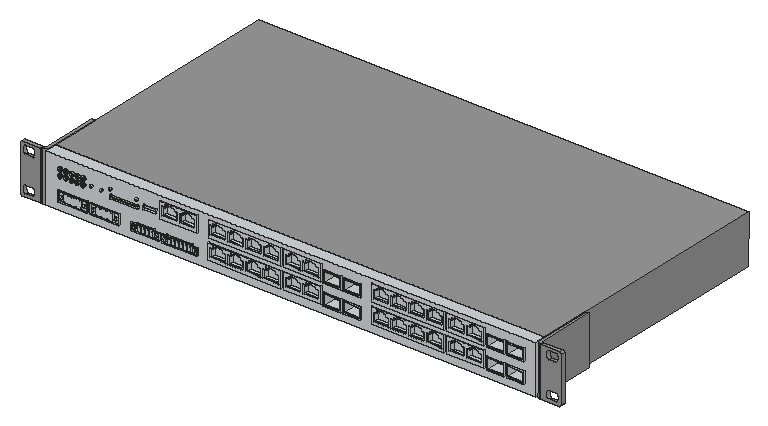
Revit family "G6 PLR MS400890MX-V2", category Datengeräte, Revit 2023
Family settings
  Bemaßung runder Anschluss = Durchmesser verwenden
  Teiletyp = Normal
  OmniClass-Nummer = 23.85.50.17
  OmniClass-Titel = Communication and Data Processing Equipment
  Arbeitsebenenbasiert = Nein
  Immer vertikal = Ja
  Beim Laden mit Abzugskörper schneiden = Nein
  Beschriftungsausrichtung beibehalten = Nein
  Gemeinsam genutzt = Nein
  Raumberechnungspunkt = Nein
Parameters (values of type "G6 PLR MS400890MX-V2")
  Vorgabe-Ansicht = 0 mm
  Material 2 = Stahl, 43-245
  Material = Edelstahl AISI 304
  Tyoe = "19\", managed switch"
  Interface 6 = "RS-232 Port (RJ-45)"
  Interface 3 = "16x PoE+"
  Voltage Input = "2x 24..57VDC"
  Hersteller = "MICROSENS"
  Beschreibung = "25-Port GbE Industrial PLR Switch 19\" PoE+"
  Interface 5 = "1x USB, SD-Card incl."
  Artikelnummer = "MS400890MX-V2"
  Interface 4 = "1x PD"
  Interface 2 = "17x 10/100/1000T"
  Interface 1 = "8x 100/1000X SFP-Slots - 10/100/1000T (Combo)"
  Interface 7 = "2x I/O"
Reference planes
  plane 1 "Mitte (Vorne/Hinten)": y = 232.367
  plane 2: z = 0
  plane 3 "Mitte (Links/Rechts)": x = 6.748
Forms (mm)
  Extrusion 1, solid
    sketch origin (-0.016, 364.751, 0.945) x (1, 0, 0) y (0, 0.000495, 1)
      loop
        line (-210.828, 42.454) -> (-210.828, -0.948) -> (224.172, -0.948) -> (224.172, 42.454) -> (-210.828, 42.454)
    from 235.89 to 246.705
  Extrusion 2, solid
    sketch origin (0.625, 268.771, -232.376) x (1, 0, 0) y (0, 0.000495, 1)
      loop
        line (-109.371, 257.955) -> (-76.371, 257.955) -> (-76.371, 272.055) -> (-109.371, 272.055) -> (-109.371, 257.955)
      loop
        line (-107.78, 260.695) -> (-93.81, 260.695) -> (-93.81, 268.569) -> (-96.477, 268.569) -> (-96.477, 270.347) -> (-98.89, 270.347) -> (-98.89, 271.236) -> (-102.7, 271.236) -> (-102.7, 270.347) -> (-105.113, 270.347) -> (-105.113, 268.569) -> (-107.78, 268.569) -> (-107.78, 260.695)
      loop
        line (-92.032, 260.695) -> (-78.062, 260.695) -> (-78.062, 268.569) -> (-80.729, 268.569) -> (-80.729, 270.347) -> (-83.142, 270.347) -> (-83.142, 271.236) -> (-86.952, 271.236) -> (-86.952, 270.347) -> (-89.365, 270.347) -> (-89.365, 268.569) -> (-92.032, 268.569) -> (-92.032, 260.695)
    from 150.84 to 151.64
  Extrusion 3, solid
    sketch origin (0.938, 268.771, -232.376) x (1, 0, 0) y (0, 0.000495, 1)
      loop
        line (-126.471, 264.855) -> (-126.471, 259.255)
        arc (-126.471, 259.255) -> (-126.178, 258.548) -> (-125.471, 258.255) r 1
        line (-125.471, 258.255) -> (-112.371, 258.255)
        arc (-112.371, 258.255) -> (-111.663, 258.548) -> (-111.371, 259.255) r 1
        line (-111.371, 259.255) -> (-111.371, 264.855)
        arc (-111.371, 264.855) -> (-111.663, 265.562) -> (-112.371, 265.855) r 1
        line (-112.371, 265.855) -> (-125.471, 265.855)
        arc (-125.471, 265.855) -> (-126.178, 265.562) -> (-126.471, 264.855) r 1
      loop
        line (-125.071, 264.605) -> (-125.071, 259.105) -> (-112.671, 259.105) -> (-112.671, 264.605) -> (-125.071, 264.605)
    from 150.84 to 151.64
  Extrusion 4, solid
    sketch origin (0.938, 268.771, -232.376) x (1, 0, 0) y (0, 0.000495, 1)
      loop
        line (-124.365, 262.053) -> (-113.348, 262.053) -> (-113.348, 263.837) -> (-124.365, 263.837) -> (-124.365, 262.053)
      loop
        line (-124.121, 263.355) -> (-124.121, 262.305) -> (-113.621, 262.305) -> (-113.621, 263.355) -> (-124.121, 263.355)
    from 150.84 to 151.64
  Extrusion 5, solid
    sketch origin (0.703, 268.771, -232.376) x (1, 0, 0) y (0, 0.000495, 1)
      loop
        circle (-198.221, 265.585) r 1.75
      loop
        circle (-198.221, 265.575) r 1.524
    from 150.84 to 151.64
  Extrusion 6, solid
    sketch origin (5.783, 268.771, -232.376) x (1, 0, 0) y (0, 0.000495, 1)
      loop
        circle (-198.221, 265.585) r 1.75
      loop
        circle (-198.221, 265.575) r 1.524
    from 150.84 to 151.64
  Extrusion 7, solid
    sketch origin (10.863, 268.771, -232.376) x (1, 0, 0) y (0, 0.000495, 1)
      loop
        circle (-198.221, 265.585) r 1.75
      loop
        circle (-198.221, 265.575) r 1.524
    from 150.84 to 151.64
  Extrusion 8, solid
    sketch origin (15.943, 268.771, -232.376) x (1, 0, 0) y (0, 0.000495, 1)
      loop
        circle (-198.221, 265.585) r 1.75
      loop
        circle (-198.221, 265.575) r 1.524
    from 150.84 to 151.64
  Extrusion 9, solid
    sketch origin (21.023, 268.771, -232.376) x (1, 0, 0) y (0, 0.000495, 1)
      loop
        circle (-198.221, 265.585) r 1.75
      loop
        circle (-198.221, 265.575) r 1.524
    from 150.84 to 151.64
  Extrusion 10, solid
    sketch origin (21.023, 268.768, -237.456) x (1, 0, 0) y (0, 0.000495, 1)
      loop
        circle (-198.221, 265.585) r 1.75
      loop
        circle (-198.221, 265.575) r 1.524
    from 150.84 to 151.64
  Extrusion 11, solid
    sketch origin (15.943, 268.768, -237.456) x (1, 0, 0) y (0, 0.000495, 1)
      loop
        circle (-198.221, 265.585) r 1.75
      loop
        circle (-198.221, 265.575) r 1.524
    from 150.84 to 151.64
  Extrusion 12, solid
    sketch origin (10.863, 268.768, -237.456) x (1, 0, 0) y (0, 0.000495, 1)
      loop
        circle (-198.221, 265.585) r 1.75
      loop
        circle (-198.221, 265.575) r 1.524
    from 150.84 to 151.64
  Extrusion 13, solid
    sketch origin (5.783, 268.768, -237.456) x (1, 0, 0) y (0, 0.000495, 1)
      loop
        circle (-198.221, 265.585) r 1.75
      loop
        circle (-198.221, 265.575) r 1.524
    from 150.84 to 151.64
  Extrusion 14, solid
    sketch origin (0.703, 268.768, -237.456) x (1, 0, 0) y (0, 0.000495, 1)
      loop
        circle (-198.221, 265.585) r 1.75
      loop
        circle (-198.221, 265.575) r 1.524
    from 150.84 to 151.64
  Extrusion 15, solid
    sketch origin (0.703, 268.771, -232.376) x (1, 0, 0) y (0, 0.000495, 1)
      loop
        circle (-170.571, 261.955) r 1
    from 150.84 to 151.64
  Extrusion 16, solid
    sketch origin (9.703, 268.771, -232.376) x (1, 0, 0) y (0, 0.000495, 1)
      loop
        circle (-170.571, 261.955) r 1
    from 150.84 to 151.64
  Extrusion 17, solid
    sketch origin (17.486, 268.772, -228.876) x (1, 0, 0) y (0, 0.000495, 1)
      loop
        circle (-170.571, 261.955) r 1
    from 150.84 to 151.64
  Extrusion 18, solid
    sketch origin (40.673, 268.772, -228.876) x (1, 0, 0) y (0, 0.000495, 1)
      loop
        circle (-170.571, 261.955) r 1
    from 150.84 to 151.64
  Extrusion 19, void
    sketch origin (0.625, 268.771, -232.376) x (1, 0, 0) y (0, 0.000495, 1)
      loop
        line (-106.701, 261.203) -> (-94.788, 261.203) -> (-94.788, 268.036) -> (-96.693, 268.036) -> (-96.693, 269.738) -> (-99.221, 269.738) -> (-99.221, 270.576) -> (-102.269, 270.576) -> (-102.269, 269.738) -> (-104.787, 269.738) -> (-104.787, 268.036) -> (-106.701, 268.036) -> (-106.701, 261.203)
    from 147.46 to 160.434
  Extrusion 20, void
    sketch origin (16.39, 268.771, -232.376) x (1, 0, 0) y (0, 0.000495, 1)
      loop
        line (-106.701, 261.203) -> (-94.788, 261.203) -> (-94.788, 268.036) -> (-96.693, 268.036) -> (-96.693, 269.738) -> (-99.221, 269.738) -> (-99.221, 270.576) -> (-102.269, 270.576) -> (-102.269, 269.738) -> (-104.787, 269.738) -> (-104.787, 268.036) -> (-106.701, 268.036) -> (-106.701, 261.203)
    from 147.46 to 160.434
  Extrusion 21, solid
    sketch origin (0.938, 268.771, -232.376) x (1, 0, 0) y (0, 0.000495, 1)
      loop
        line (-153.771, 257.955) -> (-130.421, 257.955)
        arc (-130.421, 257.955) -> (-129.713, 258.248) -> (-129.421, 258.955) r 1
        line (-129.421, 258.955) -> (-129.421, 260.355)
        arc (-129.421, 260.355) -> (-129.713, 261.062) -> (-130.421, 261.355) r 1
        line (-130.421, 261.355) -> (-153.771, 261.355)
        arc (-153.771, 261.355) -> (-154.478, 261.062) -> (-154.771, 260.355) r 1
        line (-154.771, 260.355) -> (-154.771, 258.955)
        arc (-154.771, 258.955) -> (-154.478, 258.248) -> (-153.771, 257.955) r 1
      loop
        line (-153.314, 260.555) -> (-153.314, 258.755) -> (-130.846, 258.755) -> (-130.846, 260.555) -> (-153.314, 260.555)
    from 150.46 to 151.35
  Extrusion 22, void
    sketch origin (0.938, 268.771, -232.376) x (1, 0, 0) y (0, 0.000495, 1)
      loop
        line (-153.096, 260.255) -> (-153.096, 259.155) -> (-131.096, 259.155) -> (-131.096, 260.255) -> (-153.096, 260.255)
    from 138.78 to 166.609
  Extrusion 23, void
    sketch origin (0.781, 268.771, -232.376) x (1, 0, 0) y (0, 0.000495, 1)
      loop
        line (-125.071, 262.055) -> (-125.071, 259.105) -> (-112.671, 259.105) -> (-112.671, 262.055) -> (-125.071, 262.055)
    from 147.46 to 160.434
  Extrusion 24, solid, material "Stahl, 43-245"
    sketch origin (0, 268.886, -0.01) x (1, 0, 0) y (0, -1, 0.000495)
      loop
        line (-210.844, 140.025) -> (-210.844, -85.512) -> (224.156, -85.512) -> (224.156, 140.025) -> (-210.844, 140.025)
    from -43.5 to 0
  Extrusion 25, solid, material "Stahl, 43-245"
    sketch origin (-0.021, 268.771, -232.465) x (1, 0, 0) y (0, 0.000495, 1)
      loop
        line (228.179, 275.955) -> (228.179, 232.455) -> (245.679, 232.455) -> (247.179, 233.955) -> (247.179, 274.455) -> (245.679, 275.955) -> (228.179, 275.955)
      loop
        arc (235.577, 273.83) -> (233.979, 270.08) -> (235.577, 266.33) r 5.2
        line (235.577, 266.33) -> (242.782, 266.33)
        arc (242.782, 266.33) -> (244.379, 270.08) -> (242.782, 273.83) r 5.2
        line (242.782, 273.83) -> (235.577, 273.83)
      loop
        arc (235.577, 242.08) -> (233.979, 238.33) -> (235.577, 234.58) r 5.2
        line (235.577, 234.58) -> (242.782, 234.58)
        arc (242.782, 234.58) -> (244.379, 238.33) -> (242.782, 242.08) r 5.2
        line (242.782, 242.08) -> (235.577, 242.08)
    from 147.46 to 150.46
  Extrusion 26, solid, material "Stahl, 43-245"
    sketch origin (-0.02, -240.822, 0.3) x (1, 0, 0) y (0, 1, -0.000495)
      loop
        line (224.179, 414.208) -> (224.179, 363.208)
        arc (224.179, 363.208) -> (225.351, 360.38) -> (228.178, 359.208) r 4
        line (228.178, 359.208) -> (228.178, 362.208)
        arc (228.178, 362.208) -> (227.472, 362.501) -> (227.179, 363.208) r 1
        line (227.179, 363.208) -> (227.179, 414.208) -> (224.179, 414.208)
    from -0.058 to 43.442
  Extrusion 27, solid, material "Stahl, 43-245"
    sketch origin (13.517, 268.771, -232.411) x (-1, 0, 0) y (0, -0.000495, -1)
      loop
        line (228.179, -275.955) -> (245.679, -275.955) -> (247.179, -274.455) -> (247.179, -233.955) -> (245.679, -232.455) -> (228.179, -232.455) -> (228.179, -275.955)
      loop
        line (235.577, -273.83) -> (242.782, -273.83)
        arc (242.782, -273.83) -> (244.379, -270.08) -> (242.782, -266.33) r 5.2
        line (242.782, -266.33) -> (235.577, -266.33)
        arc (235.577, -266.33) -> (233.979, -270.08) -> (235.577, -273.83) r 5.2
      loop
        line (235.577, -242.08) -> (242.782, -242.08)
        arc (242.782, -242.08) -> (244.379, -238.33) -> (242.782, -234.58) r 5.2
        line (242.782, -234.58) -> (235.577, -234.58)
        arc (235.577, -234.58) -> (233.979, -238.33) -> (235.577, -242.08) r 5.2
    from 147.46 to 150.46
  Extrusion 28, solid, material "Stahl, 43-245"
    sketch origin (13.457, -240.822, 0.355) x (-1, 0, 0) y (0, -1, 0.000495)
      loop
        line (224.302, -414.208) -> (227.179, -414.208) -> (227.179, -363.208)
        arc (227.179, -363.208) -> (227.672, -362.346) -> (228.664, -362.333) r 1
        line (228.664, -362.333) -> (228.664, -359.224)
        arc (228.664, -359.224) -> (225.604, -360.254) -> (224.302, -363.208) r 4
        line (224.302, -363.208) -> (224.302, -414.208)
    from -0.058 to 43.442
  Extrusion 29, solid
    sketch origin (110.469, 268.771, -232.376) x (1, 0, 0) y (0, 0.000495, 1)
      loop
        line (-109.371, 257.955) -> (-76.371, 257.955) -> (-76.371, 272.055) -> (-109.371, 272.055) -> (-109.371, 257.955)
      loop
        line (-107.78, 260.695) -> (-93.81, 260.695) -> (-93.81, 268.569) -> (-96.477, 268.569) -> (-96.477, 270.347) -> (-98.89, 270.347) -> (-98.89, 271.236) -> (-102.7, 271.236) -> (-102.7, 270.347) -> (-105.113, 270.347) -> (-105.113, 268.569) -> (-107.78, 268.569) -> (-107.78, 260.695)
      loop
        line (-92.032, 260.695) -> (-78.062, 260.695) -> (-78.062, 268.569) -> (-80.729, 268.569) -> (-80.729, 270.347) -> (-83.142, 270.347) -> (-83.142, 271.236) -> (-86.952, 271.236) -> (-86.952, 270.347) -> (-89.365, 270.347) -> (-89.365, 268.569) -> (-92.032, 268.569) -> (-92.032, 260.695)
    from 150.84 to 151.64
  Extrusion 30, void
    sketch origin (110.469, 268.771, -232.376) x (1, 0, 0) y (0, 0.000495, 1)
      loop
        line (-106.701, 261.203) -> (-94.788, 261.203) -> (-94.788, 268.036) -> (-96.693, 268.036) -> (-96.693, 269.738) -> (-99.221, 269.738) -> (-99.221, 270.576) -> (-102.269, 270.576) -> (-102.269, 269.738) -> (-104.787, 269.738) -> (-104.787, 268.036) -> (-106.701, 268.036) -> (-106.701, 261.203)
    from 147.46 to 160.434
  Extrusion 31, void
    sketch origin (126.234, 268.771, -232.376) x (1, 0, 0) y (0, 0.000495, 1)
      loop
        line (-106.701, 261.203) -> (-94.788, 261.203) -> (-94.788, 268.036) -> (-96.693, 268.036) -> (-96.693, 269.738) -> (-99.221, 269.738) -> (-99.221, 270.576) -> (-102.269, 270.576) -> (-102.269, 269.738) -> (-104.787, 269.738) -> (-104.787, 268.036) -> (-106.701, 268.036) -> (-106.701, 261.203)
    from 147.46 to 160.434
  Extrusion 32, solid
    sketch origin (110.469, 268.762, -250.343) x (1, 0, 0) y (0, 0.000495, 1)
      loop
        line (-109.371, 257.955) -> (-76.371, 257.955) -> (-76.371, 272.055) -> (-109.371, 272.055) -> (-109.371, 257.955)
      loop
        line (-107.78, 260.695) -> (-93.81, 260.695) -> (-93.81, 268.569) -> (-96.477, 268.569) -> (-96.477, 270.347) -> (-98.89, 270.347) -> (-98.89, 271.236) -> (-102.7, 271.236) -> (-102.7, 270.347) -> (-105.113, 270.347) -> (-105.113, 268.569) -> (-107.78, 268.569) -> (-107.78, 260.695)
      loop
        line (-92.032, 260.695) -> (-78.062, 260.695) -> (-78.062, 268.569) -> (-80.729, 268.569) -> (-80.729, 270.347) -> (-83.142, 270.347) -> (-83.142, 271.236) -> (-86.952, 271.236) -> (-86.952, 270.347) -> (-89.365, 270.347) -> (-89.365, 268.569) -> (-92.032, 268.569) -> (-92.032, 260.695)
    from 150.84 to 151.64
  Extrusion 33, void
    sketch origin (110.469, 268.762, -250.343) x (1, 0, 0) y (0, 0.000495, 1)
      loop
        line (-106.701, 261.203) -> (-94.788, 261.203) -> (-94.788, 268.036) -> (-96.693, 268.036) -> (-96.693, 269.738) -> (-99.221, 269.738) -> (-99.221, 270.576) -> (-102.269, 270.576) -> (-102.269, 269.738) -> (-104.787, 269.738) -> (-104.787, 268.036) -> (-106.701, 268.036) -> (-106.701, 261.203)
    from 147.46 to 160.434
  Extrusion 34, void
    sketch origin (126.234, 268.762, -250.343) x (1, 0, 0) y (0, 0.000495, 1)
      loop
        line (-106.701, 261.203) -> (-94.788, 261.203) -> (-94.788, 268.036) -> (-96.693, 268.036) -> (-96.693, 269.738) -> (-99.221, 269.738) -> (-99.221, 270.576) -> (-102.269, 270.576) -> (-102.269, 269.738) -> (-104.787, 269.738) -> (-104.787, 268.036) -> (-106.701, 268.036) -> (-106.701, 261.203)
    from 147.46 to 160.434
  Extrusion 35, solid
    sketch origin (255.469, 268.771, -232.376) x (1, 0, 0) y (0, 0.000495, 1)
      loop
        line (-109.371, 257.955) -> (-76.371, 257.955) -> (-76.371, 272.055) -> (-109.371, 272.055) -> (-109.371, 257.955)
      loop
        line (-107.78, 260.695) -> (-93.81, 260.695) -> (-93.81, 268.569) -> (-96.477, 268.569) -> (-96.477, 270.347) -> (-98.89, 270.347) -> (-98.89, 271.236) -> (-102.7, 271.236) -> (-102.7, 270.347) -> (-105.113, 270.347) -> (-105.113, 268.569) -> (-107.78, 268.569) -> (-107.78, 260.695)
      loop
        line (-92.032, 260.695) -> (-78.062, 260.695) -> (-78.062, 268.569) -> (-80.729, 268.569) -> (-80.729, 270.347) -> (-83.142, 270.347) -> (-83.142, 271.236) -> (-86.952, 271.236) -> (-86.952, 270.347) -> (-89.365, 270.347) -> (-89.365, 268.569) -> (-92.032, 268.569) -> (-92.032, 260.695)
    from 150.84 to 151.64
  Extrusion 36, void
    sketch origin (255.469, 268.771, -232.376) x (1, 0, 0) y (0, 0.000495, 1)
      loop
        line (-106.701, 261.203) -> (-94.788, 261.203) -> (-94.788, 268.036) -> (-96.693, 268.036) -> (-96.693, 269.738) -> (-99.221, 269.738) -> (-99.221, 270.576) -> (-102.269, 270.576) -> (-102.269, 269.738) -> (-104.787, 269.738) -> (-104.787, 268.036) -> (-106.701, 268.036) -> (-106.701, 261.203)
    from 147.46 to 160.434
  Extrusion 37, void
    sketch origin (271.234, 268.771, -232.376) x (1, 0, 0) y (0, 0.000495, 1)
      loop
        line (-106.701, 261.203) -> (-94.788, 261.203) -> (-94.788, 268.036) -> (-96.693, 268.036) -> (-96.693, 269.738) -> (-99.221, 269.738) -> (-99.221, 270.576) -> (-102.269, 270.576) -> (-102.269, 269.738) -> (-104.787, 269.738) -> (-104.787, 268.036) -> (-106.701, 268.036) -> (-106.701, 261.203)
    from 147.46 to 160.434
  Extrusion 38, solid
    sketch origin (255.469, 268.762, -250.343) x (1, 0, 0) y (0, 0.000495, 1)
      loop
        line (-109.371, 257.955) -> (-76.371, 257.955) -> (-76.371, 272.055) -> (-109.371, 272.055) -> (-109.371, 257.955)
      loop
        line (-107.78, 260.695) -> (-93.81, 260.695) -> (-93.81, 268.569) -> (-96.477, 268.569) -> (-96.477, 270.347) -> (-98.89, 270.347) -> (-98.89, 271.236) -> (-102.7, 271.236) -> (-102.7, 270.347) -> (-105.113, 270.347) -> (-105.113, 268.569) -> (-107.78, 268.569) -> (-107.78, 260.695)
      loop
        line (-92.032, 260.695) -> (-78.062, 260.695) -> (-78.062, 268.569) -> (-80.729, 268.569) -> (-80.729, 270.347) -> (-83.142, 270.347) -> (-83.142, 271.236) -> (-86.952, 271.236) -> (-86.952, 270.347) -> (-89.365, 270.347) -> (-89.365, 268.569) -> (-92.032, 268.569) -> (-92.032, 260.695)
    from 150.84 to 151.64
  Extrusion 39, void
    sketch origin (255.469, 268.762, -250.343) x (1, 0, 0) y (0, 0.000495, 1)
      loop
        line (-106.701, 261.203) -> (-94.788, 261.203) -> (-94.788, 268.036) -> (-96.693, 268.036) -> (-96.693, 269.738) -> (-99.221, 269.738) -> (-99.221, 270.576) -> (-102.269, 270.576) -> (-102.269, 269.738) -> (-104.787, 269.738) -> (-104.787, 268.036) -> (-106.701, 268.036) -> (-106.701, 261.203)
    from 147.46 to 160.434
  Extrusion 40, void
    sketch origin (271.234, 268.762, -250.343) x (1, 0, 0) y (0, 0.000495, 1)
      loop
        line (-106.701, 261.203) -> (-94.788, 261.203) -> (-94.788, 268.036) -> (-96.693, 268.036) -> (-96.693, 269.738) -> (-99.221, 269.738) -> (-99.221, 270.576) -> (-102.269, 270.576) -> (-102.269, 269.738) -> (-104.787, 269.738) -> (-104.787, 268.036) -> (-106.701, 268.036) -> (-106.701, 261.203)
    from 147.46 to 160.434
  Extrusion 41, solid
    sketch origin (220.156, 268.762, -250.421) x (1, 0, 0) y (0, 0.000495, 1)
      loop
        line (-140.898, 257.955) -> (-76.371, 257.955) -> (-76.371, 272.055) -> (-140.898, 272.055) -> (-140.898, 257.955)
      loop
        line (-107.78, 260.695) -> (-93.81, 260.695) -> (-93.81, 268.569) -> (-96.477, 268.569) -> (-96.477, 270.347) -> (-98.89, 270.347) -> (-98.89, 271.236) -> (-102.7, 271.236) -> (-102.7, 270.347) -> (-105.113, 270.347) -> (-105.113, 268.569) -> (-107.78, 268.569) -> (-107.78, 260.695)
      loop
        line (-92.032, 260.695) -> (-78.062, 260.695) -> (-78.062, 268.569) -> (-80.729, 268.569) -> (-80.729, 270.347) -> (-83.142, 270.347) -> (-83.142, 271.236) -> (-86.952, 271.236) -> (-86.952, 270.347) -> (-89.365, 270.347) -> (-89.365, 268.569) -> (-92.032, 268.569) -> (-92.032, 260.695)
      loop
        line (-123.554, 260.695) -> (-109.584, 260.695) -> (-109.584, 268.569) -> (-112.251, 268.569) -> (-112.251, 270.347) -> (-114.664, 270.347) -> (-114.664, 271.236) -> (-118.474, 271.236) -> (-118.474, 270.402) -> (-120.887, 270.402) -> (-120.887, 268.624) -> (-123.554, 268.624) -> (-123.554, 260.695)
      loop
        line (-125.332, 260.75) -> (-125.332, 268.624) -> (-127.999, 268.624) -> (-127.999, 270.402) -> (-130.412, 270.402) -> (-130.412, 271.291) -> (-134.222, 271.291) -> (-134.222, 270.402) -> (-136.635, 270.402) -> (-136.635, 268.624) -> (-139.302, 268.624) -> (-139.302, 260.75) -> (-125.332, 260.75)
    from 150.84 to 151.64
  Extrusion 42, void
    sketch origin (220.156, 268.762, -250.382) x (1, 0, 0) y (0, 0.000495, 1)
      loop
        line (-106.701, 261.203) -> (-94.788, 261.203) -> (-94.788, 268.036) -> (-96.693, 268.036) -> (-96.693, 269.738) -> (-99.221, 269.738) -> (-99.221, 270.576) -> (-102.269, 270.576) -> (-102.269, 269.738) -> (-104.787, 269.738) -> (-104.787, 268.036) -> (-106.701, 268.036) -> (-106.701, 261.203)
    from 147.46 to 160.434
  Extrusion 43, void
    sketch origin (235.921, 268.762, -250.382) x (1, 0, 0) y (0, 0.000495, 1)
      loop
        line (-106.701, 261.203) -> (-94.788, 261.203) -> (-94.788, 268.036) -> (-96.693, 268.036) -> (-96.693, 269.738) -> (-99.221, 269.738) -> (-99.221, 270.576) -> (-102.269, 270.576) -> (-102.269, 269.738) -> (-104.787, 269.738) -> (-104.787, 268.036) -> (-106.701, 268.036) -> (-106.701, 261.203)
    from 147.46 to 160.434
  Extrusion 44, void
    sketch origin (188.61, 268.762, -250.382) x (1, 0, 0) y (0, 0.000495, 1)
      loop
        line (-106.701, 261.203) -> (-94.788, 261.203) -> (-94.788, 268.036) -> (-96.693, 268.036) -> (-96.693, 269.738) -> (-99.221, 269.738) -> (-99.221, 270.576) -> (-102.269, 270.576) -> (-102.269, 269.738) -> (-104.787, 269.738) -> (-104.787, 268.036) -> (-106.701, 268.036) -> (-106.701, 261.203)
    from 147.46 to 160.434
  Extrusion 45, void
    sketch origin (204.375, 268.762, -250.382) x (1, 0, 0) y (0, 0.000495, 1)
      loop
        line (-106.701, 261.203) -> (-94.788, 261.203) -> (-94.788, 268.036) -> (-96.693, 268.036) -> (-96.693, 269.738) -> (-99.221, 269.738) -> (-99.221, 270.576) -> (-102.269, 270.576) -> (-102.269, 269.738) -> (-104.787, 269.738) -> (-104.787, 268.036) -> (-106.701, 268.036) -> (-106.701, 261.203)
    from 147.46 to 160.434
  Extrusion 46, solid
    sketch origin (220.156, 268.771, -232.334) x (1, 0, 0) y (0, 0.000495, 1)
      loop
        line (-140.898, 257.955) -> (-76.371, 257.955) -> (-76.371, 272.055) -> (-140.898, 272.055) -> (-140.898, 257.955)
      loop
        line (-107.78, 260.695) -> (-93.81, 260.695) -> (-93.81, 268.569) -> (-96.477, 268.569) -> (-96.477, 270.347) -> (-98.89, 270.347) -> (-98.89, 271.236) -> (-102.7, 271.236) -> (-102.7, 270.347) -> (-105.113, 270.347) -> (-105.113, 268.569) -> (-107.78, 268.569) -> (-107.78, 260.695)
      loop
        line (-92.032, 260.695) -> (-78.062, 260.695) -> (-78.062, 268.569) -> (-80.729, 268.569) -> (-80.729, 270.347) -> (-83.142, 270.347) -> (-83.142, 271.236) -> (-86.952, 271.236) -> (-86.952, 270.347) -> (-89.365, 270.347) -> (-89.365, 268.569) -> (-92.032, 268.569) -> (-92.032, 260.695)
      loop
        line (-123.554, 260.695) -> (-109.584, 260.695) -> (-109.584, 268.569) -> (-112.251, 268.569) -> (-112.251, 270.347) -> (-114.664, 270.347) -> (-114.664, 271.236) -> (-118.474, 271.236) -> (-118.474, 270.402) -> (-120.887, 270.402) -> (-120.887, 268.624) -> (-123.554, 268.624) -> (-123.554, 260.695)
      loop
        line (-125.332, 260.75) -> (-125.332, 268.624) -> (-127.999, 268.624) -> (-127.999, 270.402) -> (-130.412, 270.402) -> (-130.412, 271.291) -> (-134.222, 271.291) -> (-134.222, 270.402) -> (-136.635, 270.402) -> (-136.635, 268.624) -> (-139.302, 268.624) -> (-139.302, 260.75) -> (-125.332, 260.75)
    from 150.84 to 151.64
  Extrusion 47, void
    sketch origin (220.156, 268.771, -232.295) x (1, 0, 0) y (0, 0.000495, 1)
      loop
        line (-106.701, 261.203) -> (-94.788, 261.203) -> (-94.788, 268.036) -> (-96.693, 268.036) -> (-96.693, 269.738) -> (-99.221, 269.738) -> (-99.221, 270.576) -> (-102.269, 270.576) -> (-102.269, 269.738) -> (-104.787, 269.738) -> (-104.787, 268.036) -> (-106.701, 268.036) -> (-106.701, 261.203)
    from 147.46 to 160.434
  Extrusion 48, void
    sketch origin (235.921, 268.771, -232.295) x (1, 0, 0) y (0, 0.000495, 1)
      loop
        line (-106.701, 261.203) -> (-94.788, 261.203) -> (-94.788, 268.036) -> (-96.693, 268.036) -> (-96.693, 269.738) -> (-99.221, 269.738) -> (-99.221, 270.576) -> (-102.269, 270.576) -> (-102.269, 269.738) -> (-104.787, 269.738) -> (-104.787, 268.036) -> (-106.701, 268.036) -> (-106.701, 261.203)
    from 147.46 to 160.434
  Extrusion 49, void
    sketch origin (188.61, 268.771, -232.295) x (1, 0, 0) y (0, 0.000495, 1)
      loop
        line (-106.701, 261.203) -> (-94.788, 261.203) -> (-94.788, 268.036) -> (-96.693, 268.036) -> (-96.693, 269.738) -> (-99.221, 269.738) -> (-99.221, 270.576) -> (-102.269, 270.576) -> (-102.269, 269.738) -> (-104.787, 269.738) -> (-104.787, 268.036) -> (-106.701, 268.036) -> (-106.701, 261.203)
    from 147.46 to 160.434
  Extrusion 50, void
    sketch origin (204.375, 268.771, -232.295) x (1, 0, 0) y (0, 0.000495, 1)
      loop
        line (-106.701, 261.203) -> (-94.788, 261.203) -> (-94.788, 268.036) -> (-96.693, 268.036) -> (-96.693, 269.738) -> (-99.221, 269.738) -> (-99.221, 270.576) -> (-102.269, 270.576) -> (-102.269, 269.738) -> (-104.787, 269.738) -> (-104.787, 268.036) -> (-106.701, 268.036) -> (-106.701, 261.203)
    from 147.46 to 160.434
  Extrusion 51, solid
    sketch origin (75.156, 268.771, -232.412) x (1, 0, 0) y (0, 0.000495, 1)
      loop
        line (-140.898, 257.955) -> (-76.371, 257.955) -> (-76.371, 272.055) -> (-140.898, 272.055) -> (-140.898, 257.955)
      loop
        line (-107.78, 260.695) -> (-93.81, 260.695) -> (-93.81, 268.569) -> (-96.477, 268.569) -> (-96.477, 270.347) -> (-98.89, 270.347) -> (-98.89, 271.236) -> (-102.7, 271.236) -> (-102.7, 270.347) -> (-105.113, 270.347) -> (-105.113, 268.569) -> (-107.78, 268.569) -> (-107.78, 260.695)
      loop
        line (-92.032, 260.695) -> (-78.062, 260.695) -> (-78.062, 268.569) -> (-80.729, 268.569) -> (-80.729, 270.347) -> (-83.142, 270.347) -> (-83.142, 271.236) -> (-86.952, 271.236) -> (-86.952, 270.347) -> (-89.365, 270.347) -> (-89.365, 268.569) -> (-92.032, 268.569) -> (-92.032, 260.695)
      loop
        line (-123.554, 260.695) -> (-109.584, 260.695) -> (-109.584, 268.569) -> (-112.251, 268.569) -> (-112.251, 270.347) -> (-114.664, 270.347) -> (-114.664, 271.236) -> (-118.474, 271.236) -> (-118.474, 270.402) -> (-120.887, 270.402) -> (-120.887, 268.624) -> (-123.554, 268.624) -> (-123.554, 260.695)
      loop
        line (-125.332, 260.75) -> (-125.332, 268.624) -> (-127.999, 268.624) -> (-127.999, 270.402) -> (-130.412, 270.402) -> (-130.412, 271.291) -> (-134.222, 271.291) -> (-134.222, 270.402) -> (-136.635, 270.402) -> (-136.635, 268.624) -> (-139.302, 268.624) -> (-139.302, 260.75) -> (-125.332, 260.75)
    from 150.84 to 151.64
  Extrusion 52, void
    sketch origin (75.156, 268.771, -232.373) x (1, 0, 0) y (0, 0.000495, 1)
      loop
        line (-106.701, 261.203) -> (-94.788, 261.203) -> (-94.788, 268.036) -> (-96.693, 268.036) -> (-96.693, 269.738) -> (-99.221, 269.738) -> (-99.221, 270.576) -> (-102.269, 270.576) -> (-102.269, 269.738) -> (-104.787, 269.738) -> (-104.787, 268.036) -> (-106.701, 268.036) -> (-106.701, 261.203)
    from 147.46 to 160.434
  Extrusion 53, void
    sketch origin (90.921, 268.771, -232.373) x (1, 0, 0) y (0, 0.000495, 1)
      loop
        line (-106.701, 261.203) -> (-94.788, 261.203) -> (-94.788, 268.036) -> (-96.693, 268.036) -> (-96.693, 269.738) -> (-99.221, 269.738) -> (-99.221, 270.576) -> (-102.269, 270.576) -> (-102.269, 269.738) -> (-104.787, 269.738) -> (-104.787, 268.036) -> (-106.701, 268.036) -> (-106.701, 261.203)
    from 147.46 to 160.434
  Extrusion 54, void
    sketch origin (43.61, 268.771, -232.373) x (1, 0, 0) y (0, 0.000495, 1)
      loop
        line (-106.701, 261.203) -> (-94.788, 261.203) -> (-94.788, 268.036) -> (-96.693, 268.036) -> (-96.693, 269.738) -> (-99.221, 269.738) -> (-99.221, 270.576) -> (-102.269, 270.576) -> (-102.269, 269.738) -> (-104.787, 269.738) -> (-104.787, 268.036) -> (-106.701, 268.036) -> (-106.701, 261.203)
    from 147.46 to 160.434
  Extrusion 55, void
    sketch origin (59.375, 268.771, -232.373) x (1, 0, 0) y (0, 0.000495, 1)
      loop
        line (-106.701, 261.203) -> (-94.788, 261.203) -> (-94.788, 268.036) -> (-96.693, 268.036) -> (-96.693, 269.738) -> (-99.221, 269.738) -> (-99.221, 270.576) -> (-102.269, 270.576) -> (-102.269, 269.738) -> (-104.787, 269.738) -> (-104.787, 268.036) -> (-106.701, 268.036) -> (-106.701, 261.203)
    from 147.46 to 160.434
  Extrusion 56, solid
    sketch origin (75.117, 268.762, -250.401) x (1, 0, 0) y (0, 0.000495, 1)
      loop
        line (-140.898, 257.955) -> (-76.371, 257.955) -> (-76.371, 272.055) -> (-140.898, 272.055) -> (-140.898, 257.955)
      loop
        line (-107.78, 260.695) -> (-93.81, 260.695) -> (-93.81, 268.569) -> (-96.477, 268.569) -> (-96.477, 270.347) -> (-98.89, 270.347) -> (-98.89, 271.236) -> (-102.7, 271.236) -> (-102.7, 270.347) -> (-105.113, 270.347) -> (-105.113, 268.569) -> (-107.78, 268.569) -> (-107.78, 260.695)
      loop
        line (-92.032, 260.695) -> (-78.062, 260.695) -> (-78.062, 268.569) -> (-80.729, 268.569) -> (-80.729, 270.347) -> (-83.142, 270.347) -> (-83.142, 271.236) -> (-86.952, 271.236) -> (-86.952, 270.347) -> (-89.365, 270.347) -> (-89.365, 268.569) -> (-92.032, 268.569) -> (-92.032, 260.695)
      loop
        line (-123.554, 260.695) -> (-109.584, 260.695) -> (-109.584, 268.569) -> (-112.251, 268.569) -> (-112.251, 270.347) -> (-114.664, 270.347) -> (-114.664, 271.236) -> (-118.474, 271.236) -> (-118.474, 270.402) -> (-120.887, 270.402) -> (-120.887, 268.624) -> (-123.554, 268.624) -> (-123.554, 260.695)
      loop
        line (-125.332, 260.75) -> (-125.332, 268.624) -> (-127.999, 268.624) -> (-127.999, 270.402) -> (-130.412, 270.402) -> (-130.412, 271.291) -> (-134.222, 271.291) -> (-134.222, 270.402) -> (-136.635, 270.402) -> (-136.635, 268.624) -> (-139.302, 268.624) -> (-139.302, 260.75) -> (-125.332, 260.75)
    from 150.84 to 151.64
  Extrusion 57, void
    sketch origin (75.117, 268.762, -250.362) x (1, 0, 0) y (0, 0.000495, 1)
      loop
        line (-106.701, 261.203) -> (-94.788, 261.203) -> (-94.788, 268.036) -> (-96.693, 268.036) -> (-96.693, 269.738) -> (-99.221, 269.738) -> (-99.221, 270.576) -> (-102.269, 270.576) -> (-102.269, 269.738) -> (-104.787, 269.738) -> (-104.787, 268.036) -> (-106.701, 268.036) -> (-106.701, 261.203)
    from 147.46 to 160.434
  Extrusion 58, void
    sketch origin (90.882, 268.762, -250.362) x (1, 0, 0) y (0, 0.000495, 1)
      loop
        line (-106.701, 261.203) -> (-94.788, 261.203) -> (-94.788, 268.036) -> (-96.693, 268.036) -> (-96.693, 269.738) -> (-99.221, 269.738) -> (-99.221, 270.576) -> (-102.269, 270.576) -> (-102.269, 269.738) -> (-104.787, 269.738) -> (-104.787, 268.036) -> (-106.701, 268.036) -> (-106.701, 261.203)
    from 147.46 to 160.434
  Extrusion 59, void
    sketch origin (43.571, 268.762, -250.362) x (1, 0, 0) y (0, 0.000495, 1)
      loop
        line (-106.701, 261.203) -> (-94.788, 261.203) -> (-94.788, 268.036) -> (-96.693, 268.036) -> (-96.693, 269.738) -> (-99.221, 269.738) -> (-99.221, 270.576) -> (-102.269, 270.576) -> (-102.269, 269.738) -> (-104.787, 269.738) -> (-104.787, 268.036) -> (-106.701, 268.036) -> (-106.701, 261.203)
    from 147.46 to 160.434
  Extrusion 60, void
    sketch origin (59.336, 268.762, -250.362) x (1, 0, 0) y (0, 0.000495, 1)
      loop
        line (-106.701, 261.203) -> (-94.788, 261.203) -> (-94.788, 268.036) -> (-96.693, 268.036) -> (-96.693, 269.738) -> (-99.221, 269.738) -> (-99.221, 270.576) -> (-102.269, 270.576) -> (-102.269, 269.738) -> (-104.787, 269.738) -> (-104.787, 268.036) -> (-106.701, 268.036) -> (-106.701, 261.203)
    from 147.46 to 160.434
  Extrusion 61, solid
    sketch origin (0, 268.771, -232.376) x (1, 0, 0) y (0, 0.000495, 1)
      loop
        line (198.964, 268.012) -> (198.964, 257.612) -> (214.464, 257.612) -> (214.464, 268.012) -> (198.964, 268.012)
      loop
        line (199.41, 267.584) -> (199.41, 257.912) -> (214.027, 257.912) -> (214.027, 267.584) -> (199.41, 267.584)
    from 140.025 to 151.64
  Extrusion 62, void
    sketch origin (307.458, 268.769, -235.027) x (1, 0, 0) y (0, 0.000495, 1)
      loop
        line (-107.793, 261.07) -> (-93.696, 261.07) -> (-93.696, 269.986) -> (-107.793, 269.986) -> (-107.793, 261.07)
    from 140.025 to 160.434
  Extrusion 63, solid
    sketch origin (-17.619, 268.771, -232.376) x (1, 0, 0) y (0, 0.000495, 1)
      loop
        line (198.964, 268.012) -> (198.964, 257.612) -> (214.464, 257.612) -> (214.464, 268.012) -> (198.964, 268.012)
      loop
        line (199.41, 267.584) -> (199.41, 257.912) -> (214.027, 257.912) -> (214.027, 267.584) -> (199.41, 267.584)
    from 140.025 to 151.64
  Extrusion 64, void
    sketch origin (289.839, 268.769, -235.027) x (1, 0, 0) y (0, 0.000495, 1)
      loop
        line (-107.793, 261.07) -> (-93.696, 261.07) -> (-93.696, 269.986) -> (-107.793, 269.986) -> (-107.793, 261.07)
    from 140.025 to 160.434
  Extrusion 65, solid
    sketch origin (0, 268.762, -250.385) x (1, 0, 0) y (0, 0.000495, 1)
      loop
        line (198.964, 268.012) -> (198.964, 257.612) -> (214.464, 257.612) -> (214.464, 268.012) -> (198.964, 268.012)
      loop
        line (199.41, 267.584) -> (199.41, 257.912) -> (214.027, 257.912) -> (214.027, 267.584) -> (199.41, 267.584)
    from 140.025 to 151.64
  Extrusion 66, void
    sketch origin (307.458, 268.76, -253.035) x (1, 0, 0) y (0, 0.000495, 1)
      loop
        line (-107.793, 261.07) -> (-93.696, 261.07) -> (-93.696, 269.986) -> (-107.793, 269.986) -> (-107.793, 261.07)
    from 140.025 to 160.434
  Extrusion 67, solid
    sketch origin (-17.619, 268.762, -250.385) x (1, 0, 0) y (0, 0.000495, 1)
      loop
        line (198.964, 268.012) -> (198.964, 257.612) -> (214.464, 257.612) -> (214.464, 268.012) -> (198.964, 268.012)
      loop
        line (199.41, 267.584) -> (199.41, 257.912) -> (214.027, 257.912) -> (214.027, 267.584) -> (199.41, 267.584)
    from 140.025 to 151.64
  Extrusion 68, void
    sketch origin (289.839, 268.76, -253.035) x (1, 0, 0) y (0, 0.000495, 1)
      loop
        line (-107.793, 261.07) -> (-93.696, 261.07) -> (-93.696, 269.986) -> (-107.793, 269.986) -> (-107.793, 261.07)
    from 140.025 to 160.434
  Extrusion 69, solid
    sketch origin (-145, 268.771, -232.376) x (1, 0, 0) y (0, 0.000495, 1)
      loop
        line (198.964, 268.012) -> (198.964, 257.612) -> (214.464, 257.612) -> (214.464, 268.012) -> (198.964, 268.012)
      loop
        line (199.41, 267.584) -> (199.41, 257.912) -> (214.027, 257.912) -> (214.027, 267.584) -> (199.41, 267.584)
    from 140.025 to 151.64
  Extrusion 70, void
    sketch origin (162.458, 268.769, -235.027) x (1, 0, 0) y (0, 0.000495, 1)
      loop
        line (-107.793, 261.07) -> (-93.696, 261.07) -> (-93.696, 269.986) -> (-107.793, 269.986) -> (-107.793, 261.07)
    from 140.025 to 160.434
  Extrusion 71, solid
    sketch origin (-162.619, 268.771, -232.376) x (1, 0, 0) y (0, 0.000495, 1)
      loop
        line (198.964, 268.012) -> (198.964, 257.612) -> (214.464, 257.612) -> (214.464, 268.012) -> (198.964, 268.012)
      loop
        line (199.41, 267.584) -> (199.41, 257.912) -> (214.027, 257.912) -> (214.027, 267.584) -> (199.41, 267.584)
    from 140.025 to 151.64
  Extrusion 72, void
    sketch origin (144.839, 268.769, -235.027) x (1, 0, 0) y (0, 0.000495, 1)
      loop
        line (-107.793, 261.07) -> (-93.696, 261.07) -> (-93.696, 269.986) -> (-107.793, 269.986) -> (-107.793, 261.07)
    from 140.025 to 160.434
  Extrusion 73, solid
    sketch origin (-145, 268.762, -250.385) x (1, 0, 0) y (0, 0.000495, 1)
      loop
        line (198.964, 268.012) -> (198.964, 257.612) -> (214.464, 257.612) -> (214.464, 268.012) -> (198.964, 268.012)
      loop
        line (199.41, 267.584) -> (199.41, 257.912) -> (214.027, 257.912) -> (214.027, 267.584) -> (199.41, 267.584)
    from 140.025 to 151.64
  Extrusion 74, void
    sketch origin (162.458, 268.76, -253.035) x (1, 0, 0) y (0, 0.000495, 1)
      loop
        line (-107.793, 261.07) -> (-93.696, 261.07) -> (-93.696, 269.986) -> (-107.793, 269.986) -> (-107.793, 261.07)
    from 140.025 to 160.434
  Extrusion 75, solid
    sketch origin (-162.619, 268.762, -250.385) x (1, 0, 0) y (0, 0.000495, 1)
      loop
        line (198.964, 268.012) -> (198.964, 257.612) -> (214.464, 257.612) -> (214.464, 268.012) -> (198.964, 268.012)
      loop
        line (199.41, 267.584) -> (199.41, 257.912) -> (214.027, 257.912) -> (214.027, 267.584) -> (199.41, 267.584)
    from 140.025 to 151.64
  Extrusion 76, void
    sketch origin (144.839, 268.76, -253.035) x (1, 0, 0) y (0, 0.000495, 1)
      loop
        line (-107.793, 261.07) -> (-93.696, 261.07) -> (-93.696, 269.986) -> (-107.793, 269.986) -> (-107.793, 261.07)
    from 140.025 to 160.434
  Extrusion 77, solid
    sketch origin (0, 268.771, -232.376) x (1, 0, 0) y (0, 0.000495, 1)
      loop
        line (-102.936, 247.212) -> (-102.936, 246.112) -> (-106.936, 246.112)
        arc (-106.936, 246.112) -> (-107.29, 245.965) -> (-107.436, 245.612) r 0.5
        line (-107.436, 245.612) -> (-107.436, 240.112)
        arc (-107.436, 240.112) -> (-107.29, 239.758) -> (-106.936, 239.612) r 0.5
        line (-106.936, 239.612) -> (-75.936, 239.612)
        arc (-75.936, 239.612) -> (-75.583, 239.758) -> (-75.436, 240.112) r 0.5
        line (-75.436, 240.112) -> (-75.436, 245.49)
        arc (-75.436, 245.49) -> (-75.615, 245.921) -> (-76.046, 246.1) r 0.61
        line (-76.046, 246.1) -> (-79.936, 246.1) -> (-79.936, 247.212) -> (-102.936, 247.212)
      loop
        line (-107.086, 239.912) -> (-75.786, 239.912) -> (-75.786, 245.809) -> (-80.586, 245.809) -> (-80.586, 246.809) -> (-102.286, 246.809) -> (-102.286, 245.809) -> (-107.086, 245.809) -> (-107.086, 239.912)
      loop
        circle (-104.486, 242.909) r 1.25
      loop
        circle (-78.386, 242.909) r 1.25
      loop
        line (-101.671, 246.543) -> (-101.474, 245.706) -> (-100.584, 245.706) -> (-100.584, 244.909) -> (-101.736, 244.909) -> (-101.736, 240.475) -> (-98.636, 240.475) -> (-98.636, 244.909) -> (-99.789, 244.909) -> (-99.789, 245.706) -> (-98.899, 245.706) -> (-98.674, 246.543) -> (-101.671, 246.543)
      loop
        line (-98.236, 240.475) -> (-95.136, 240.475) -> (-95.136, 244.909) -> (-96.282, 244.909) -> (-96.282, 245.706) -> (-95.408, 245.706) -> (-95.184, 246.543) -> (-98.195, 246.543) -> (-97.97, 245.706) -> (-97.091, 245.706) -> (-97.091, 244.909) -> (-98.236, 244.909) -> (-98.236, 240.475)
      loop
        line (-94.736, 240.475) -> (-91.636, 240.475) -> (-91.636, 244.909) -> (-92.782, 244.909) -> (-92.782, 245.706) -> (-91.908, 245.706) -> (-91.684, 246.543) -> (-94.695, 246.543) -> (-94.47, 245.706) -> (-93.591, 245.706) -> (-93.591, 244.909) -> (-94.736, 244.909) -> (-94.736, 240.475)
      loop
        line (-91.215, 240.475) -> (-88.115, 240.475) -> (-88.115, 244.909) -> (-89.261, 244.909) -> (-89.261, 245.706) -> (-88.387, 245.706) -> (-88.163, 246.543) -> (-91.174, 246.543) -> (-90.949, 245.706) -> (-90.07, 245.706) -> (-90.07, 244.909) -> (-91.215, 244.909) -> (-91.215, 240.475)
      loop
        line (-87.736, 240.475) -> (-84.636, 240.475) -> (-84.636, 244.909) -> (-85.782, 244.909) -> (-85.782, 245.706) -> (-84.908, 245.706) -> (-84.684, 246.543) -> (-87.695, 246.543) -> (-87.47, 245.706) -> (-86.591, 245.706) -> (-86.591, 244.909) -> (-87.736, 244.909) -> (-87.736, 240.475)
      loop
        line (-84.236, 240.475) -> (-81.136, 240.475) -> (-81.136, 244.909) -> (-82.282, 244.909) -> (-82.282, 245.706) -> (-81.408, 245.706) -> (-81.184, 246.543) -> (-84.195, 246.543) -> (-83.97, 245.706) -> (-83.091, 245.706) -> (-83.091, 244.909) -> (-84.236, 244.909) -> (-84.236, 240.475)
    from 147.46 to 151.64
  Extrusion 78, solid
    sketch origin (-33.768, 268.771, -232.222) x (1, 0, 0) y (0, 0.000495, 1)
      loop
        line (-96.213, 247.056) -> (-96.213, 245.956) -> (-100.168, 245.956)
        arc (-100.168, 245.956) -> (-100.522, 245.809) -> (-100.668, 245.456) r 0.5
        line (-100.668, 245.456) -> (-100.668, 239.956)
        arc (-100.668, 239.956) -> (-100.522, 239.602) -> (-100.168, 239.456) r 0.5
        line (-100.168, 239.456) -> (-76.171, 239.456)
        arc (-76.171, 239.456) -> (-75.817, 239.602) -> (-75.671, 239.956) r 0.5
        line (-75.671, 239.956) -> (-75.671, 245.334)
        arc (-75.671, 245.334) -> (-75.849, 245.765) -> (-76.28, 245.943) r 0.61
        line (-76.28, 245.943) -> (-80.171, 245.943) -> (-80.171, 247.056) -> (-96.213, 247.056)
      loop
        line (-100.318, 239.756) -> (-76.021, 239.756) -> (-76.021, 245.653) -> (-80.821, 245.653) -> (-80.821, 246.653) -> (-95.507, 246.653) -> (-95.507, 245.653) -> (-100.318, 245.653) -> (-100.318, 239.756)
      loop
        circle (-97.734, 242.782) r 1.25
      loop
        circle (-78.621, 242.753) r 1.25
      loop
        line (-94.971, 240.319) -> (-91.871, 240.319) -> (-91.871, 244.753) -> (-93.017, 244.753) -> (-93.017, 245.549) -> (-92.142, 245.549) -> (-91.918, 246.387) -> (-94.929, 246.387) -> (-94.705, 245.549) -> (-93.825, 245.549) -> (-93.825, 244.753) -> (-94.971, 244.753) -> (-94.971, 240.319)
      loop
        line (-91.45, 240.319) -> (-88.35, 240.319) -> (-88.35, 244.753) -> (-89.496, 244.753) -> (-89.496, 245.549) -> (-88.622, 245.549) -> (-88.397, 246.387) -> (-91.408, 246.387) -> (-91.184, 245.549) -> (-90.305, 245.549) -> (-90.305, 244.753) -> (-91.45, 244.753) -> (-91.45, 240.319)
      loop
        line (-87.971, 240.319) -> (-84.871, 240.319) -> (-84.871, 244.753) -> (-86.017, 244.753) -> (-86.017, 245.549) -> (-85.142, 245.549) -> (-84.918, 246.387) -> (-87.929, 246.387) -> (-87.705, 245.549) -> (-86.825, 245.549) -> (-86.825, 244.753) -> (-87.971, 244.753) -> (-87.971, 240.319)
      loop
        line (-84.471, 240.319) -> (-81.371, 240.319) -> (-81.371, 244.753) -> (-82.517, 244.753) -> (-82.517, 245.549) -> (-81.642, 245.549) -> (-81.418, 246.387) -> (-84.429, 246.387) -> (-84.205, 245.549) -> (-83.325, 245.549) -> (-83.325, 244.753) -> (-84.471, 244.753) -> (-84.471, 240.319)
    from 147.46 to 151.64
  Extrusion 79, solid
    sketch origin (0, 268.771, -232.376) x (1, 0, 0) y (0, 0.000495, 1)
      loop
        line (-171.086, 248.812) -> (-171.086, 239.612) -> (-145.086, 239.612) -> (-145.086, 248.812) -> (-171.086, 248.812)
      loop
        line (-170.786, 248.509) -> (-170.786, 240.051) -> (-145.386, 240.051) -> (-145.386, 248.509) -> (-170.786, 248.509)
      loop
        circle (-168.246, 243.779) r 1.25
      loop
        circle (-147.926, 243.779) r 1.25
      loop
        line (-161.127, 241.579) -> (-160.126, 241.579)
        arc (-160.126, 241.579) -> (-159.182, 240.986) -> (-158.086, 240.779) r 3
        arc (-158.086, 240.779) -> (-156.991, 240.986) -> (-156.047, 241.579) r 3
        line (-156.047, 241.579) -> (-155.046, 241.579)
        arc (-155.046, 241.579) -> (-154.102, 240.986) -> (-153.006, 240.779) r 3
        arc (-153.006, 240.779) -> (-151.555, 241.154) -> (-150.466, 242.183) r 3
        line (-150.466, 242.183) -> (-150.466, 247.184) -> (-152.031, 247.184) -> (-152.031, 248.009) -> (-153.981, 248.009) -> (-153.981, 247.184) -> (-157.111, 247.184) -> (-157.111, 248.009) -> (-159.061, 248.009) -> (-159.061, 247.184) -> (-162.191, 247.184) -> (-162.191, 248.009) -> (-164.141, 248.009) -> (-164.141, 247.184) -> (-165.706, 247.184) -> (-165.706, 242.183)
        arc (-165.706, 242.183) -> (-164.617, 241.154) -> (-163.166, 240.779) r 3
        arc (-163.166, 240.779) -> (-162.071, 240.986) -> (-161.127, 241.579) r 3
    from 147.46 to 151.64
  Extrusion 80, solid
    sketch origin (-28, 268.771, -232.376) x (1, 0, 0) y (0, 0.000495, 1)
      loop
        line (-171.086, 248.812) -> (-171.086, 239.612) -> (-145.086, 239.612) -> (-145.086, 248.812) -> (-171.086, 248.812)
      loop
        line (-170.786, 248.509) -> (-170.786, 240.051) -> (-145.386, 240.051) -> (-145.386, 248.509) -> (-170.786, 248.509)
      loop
        circle (-168.246, 243.779) r 1.25
      loop
        circle (-147.926, 243.779) r 1.25
      loop
        line (-161.127, 241.579) -> (-160.126, 241.579)
        arc (-160.126, 241.579) -> (-159.182, 240.986) -> (-158.086, 240.779) r 3
        arc (-158.086, 240.779) -> (-156.991, 240.986) -> (-156.047, 241.579) r 3
        line (-156.047, 241.579) -> (-155.046, 241.579)
        arc (-155.046, 241.579) -> (-154.102, 240.986) -> (-153.006, 240.779) r 3
        arc (-153.006, 240.779) -> (-151.555, 241.154) -> (-150.466, 242.183) r 3
        line (-150.466, 242.183) -> (-150.466, 247.184) -> (-152.031, 247.184) -> (-152.031, 248.009) -> (-153.981, 248.009) -> (-153.981, 247.184) -> (-157.111, 247.184) -> (-157.111, 248.009) -> (-159.061, 248.009) -> (-159.061, 247.184) -> (-162.191, 247.184) -> (-162.191, 248.009) -> (-164.141, 248.009) -> (-164.141, 247.184) -> (-165.706, 247.184) -> (-165.706, 242.183)
        arc (-165.706, 242.183) -> (-164.617, 241.154) -> (-163.166, 240.779) r 3
        arc (-163.166, 240.779) -> (-162.071, 240.986) -> (-161.127, 241.579) r 3
    from 147.46 to 151.64
Cuts and joins
  Extrusion 64, Extrusion 66, Extrusion 68, Extrusion 70, Extrusion 72, Extrusion 74, Extrusion 76 cuts Extrusion 24
  Extrusion 19, Extrusion 20, Extrusion 22, Extrusion 23, Extrusion 30, Extrusion 31, Extrusion 33, Extrusion 34, Extrusion 36, Extrusion 37, Extrusion 39, Extrusion 40, Extrusion 42, Extrusion 43, Extrusion 44, Extrusion 45, Extrusion 47, Extrusion 48, Extrusion 49, Extrusion 50, Extrusion 52, Extrusion 53, Extrusion 54, Extrusion 55, Extrusion 57, Extrusion 58, Extrusion 59, Extrusion 60, Extrusion 62, Extrusion 64, Extrusion 66, Extrusion 68, Extrusion 70, Extrusion 72, Extrusion 74, Extrusion 76 cuts Extrusion 1
  joined: Extrusion 1, Extrusion 2, Extrusion 3, Extrusion 4, Extrusion 5, Extrusion 6, Extrusion 7, Extrusion 8, Extrusion 9, Extrusion 10, Extrusion 11, Extrusion 12, Extrusion 13, Extrusion 14, Extrusion 15, Extrusion 16, Extrusion 17, Extrusion 18, Extrusion 21, Extrusion 29, Extrusion 32, Extrusion 35, Extrusion 38, Extrusion 41, Extrusion 46, Extrusion 51, Extrusion 56, Extrusion 61, Extrusion 63, Extrusion 65, Extrusion 67, Extrusion 69, Extrusion 71, Extrusion 73, Extrusion 75, Extrusion 77, Extrusion 78, Extrusion 79, Extrusion 80
Dimensions and locks
  aligned and locked: Extrusion 26 to Extrusion 25
  aligned and locked: Extrusion 2 to Extrusion 61
  aligned and locked: Extrusion 1 to Extrusion 62
  aligned and locked: Extrusion 77 to Extrusion 2
  aligned and locked: Extrusion 2 to Extrusion 79
